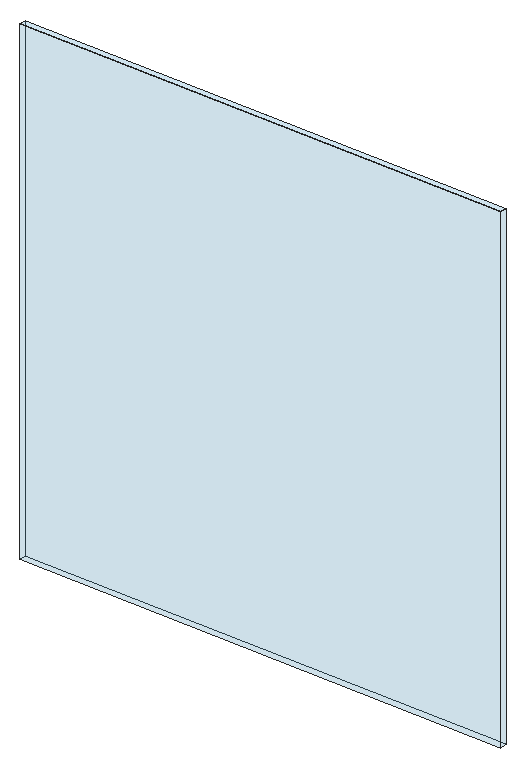
Revit family
Parameters (values of type "72" x 72"")
  Sealant = 0' - 0 3/8"
  Pocket Depth [instance] = 0' - 0 1/2"
  OS [instance] = yes
  IS [instance] = yes
  Head Height = Sill Height + Rough Height - Sealant  # 8' - 11 5/8"
  Depth [instance] = 0' - 7"
  Sill Height = 3' - 0"
  Rough Width = 6' - 0"
  Rough Height = 6' - 0"
  Model = "OPG2900"
  Material = ""
  Manufacturer = "Arcadia"
  Sightline = 0' - 2 7/8"
  Height = Rough Height - Sealant - Sealant  # 5' - 11 1/4"
  Wall Closure = (empty or 0)
  Width = Rough Width - Sealant - Sealant  # 5' - 11 1/4"
  Glass Thickness [instance] = 0' - 1"
  Offset to Inside Face of Glass [instance] = 0' - 5 5/16"
  Construction Type = "Aluminum"
  Center of Rough Opening [instance] = Rough Width / 2  # 3' - 0"
  Center of Glass [instance] = Glass Thickness / 2  # 0' - 0 1/2"
  Center Wall to Outside Face [instance] = 0' - 2 7/8"
  Assembly Code = ""
Reference planes (in)
  plane 1 "Center (Front/Back)": y = 0
  plane 2: z = 0
  plane 3 "Center (Left/Right)": x = 12
  plane 4 "Rough Opening Bottom": z = 36
  plane 5 "Rough Opening Top": z = 108
  plane 6 "Exterior Face": y = 2.25
  plane 7 "Frame Top": z = 105.125
  plane 8 "Frame Bottom": z = 38.875
  plane 9 "Rough Opening Left": x = -24
  plane 10 "Rough Opening Right": x = 48
  plane 11 "Frame Left": x = -21.125
  plane 12 "Frame Right": x = 45.125
  plane 13 "Exterior Glass Edge": y = 0.73644
  plane 14 "Interior Glass Edge": y = -0.26356
  plane 15 "Glass Centerline": y = 0.23644
  plane 16 "Frame Outside": y = 1.42394
  plane 17 "Frame Inside": y = -5.57606
  plane 18: z = 105.625
  plane 19: z = 38.375
  plane 20: x = 45.625
  plane 21: x = -21.625
  plane 22: x = 47.625
  plane 23: x = -23.625
  plane 24: z = 107.625
  plane 25: z = 36.375
Forms (in)
  Extrusion 1, solid, material "Anodize Arcadia AC2 Clear #11", detail levels coarse
    sketch origin (0, 0, 36) x (0, -1, 0) y (1, 0, 0)
      loop
        line (-1.42394, -24) -> (5.57606, -24) -> (5.57606, -21.125) -> (0.26356, -21.125) -> (0.26356, -21.625) -> (-0.73644, -21.625) -> (-0.73644, -21.125) -> (-1.42394, -21.125) -> (-1.42394, -24)
    from 0 to 72 <- "Rough Height"
  Extrusion 2, solid, material "Anodize Arcadia AC2 Clear #11", detail levels coarse
    sketch origin (0, 0, 36) x (0, -1, 0) y (1, 0, 0)
      loop
        line (-1.42394, 45.125) -> (-0.73644, 45.125) -> (-0.73644, 45.625) -> (0.26356, 45.625) -> (0.26356, 45.125) -> (5.57606, 45.125) -> (5.57606, 48) -> (-1.42394, 48) -> (-1.42394, 45.125)
    from 0 to 72 <- "Rough Height"
  Extrusion 3, solid, material "Glass"
    sketch origin (-0.5, 0, 36) x (0, -1, 0) y (1, 0, 0)
      loop
        line (-0.73644, -21.125) -> (0.26356, -21.125) -> (0.26356, 46.125) -> (-0.73644, 46.125) -> (-0.73644, -21.125)
    from 2.375 to 69.625
  Extrusion 4, solid, material "Anodize Arcadia AC2 Clear #11", detail levels coarse
    sketch origin (-24, 0, 0) x (0, 1, 0) y (0, 0, 1)
      loop
        line (-5.57606, 108) -> (-5.57606, 105.125) -> (-0.26356, 105.125) -> (-0.26356, 105.625) -> (0.73644, 105.625) -> (0.73644, 105.125) -> (1.42394, 105.125) -> (1.42394, 108) -> (-5.57606, 108)
    from 0 to 72 <- "Rough Width"
  Extrusion 5, solid, material "Anodize Arcadia AC2 Clear #11", detail levels coarse
    sketch origin (-24, 0, 0) x (0, 1, 0) y (0, 0, 1)
      loop
        line (1.42394, 38.875) -> (0.73644, 38.875) -> (0.73644, 38.375) -> (-0.26356, 38.375) -> (-0.26356, 38.875) -> (-5.57606, 38.875) -> (-5.57606, 36) -> (1.42394, 36) -> (1.42394, 38.875)
    from 0 to 72 <- "Rough Width"
  Extrusion 6, void
    sketch origin (0, 0, 36) x (0, -1, 0) y (1, 0, 0)
      loop
        line (-2.25, -24) -> (5.75, -24) -> (5.75, 48) -> (-2.25, 48) -> (-2.25, -24)
    from 0 to 72 <- "Rough Height"
Lines and regions (in)
  symbolic lines, detail levels coarse
    curve 1: line (-24, 1.42394, 0) -> (-21.125, 1.42394, 0)
    curve 2: line (-21.125, 1.42394, 0) -> (-21.125, 0.73644, 0)
    curve 3: line (45.625, 0.73644, 0) -> (-21.625, 0.73644, 0)
    curve 4: line (-21.625, 0.73644, 0) -> (-21.625, -0.26356, 0)
    curve 5: line (-21.625, -0.26356, 0) -> (45.625, -0.26356, 0)
    curve 6: line (-21.125, -0.26356, 0) -> (-21.125, -5.57606, 0)
    curve 7: line (-21.125, -5.57606, 0) -> (-24, -5.57606, 0)
    curve 8: line (-24, -5.57606, 0) -> (-24, 1.42394, 0)
    curve 9: line (48, 1.42394, 0) -> (45.125, 1.42394, 0)
    curve 10: line (45.125, 1.42394, 0) -> (45.125, 0.73644, 0)
    curve 11: line (45.625, 0.73644, 0) -> (45.625, -0.26356, 0)
    curve 12: line (45.125, -0.26356, 0) -> (45.125, -5.57606, 0)
    curve 13: line (45.125, -5.57606, 0) -> (48, -5.57606, 0)
    curve 14: line (48, -5.57606, 0) -> (48, 1.42394, 0)
Text (in)
  text "EXTERIOR" at (-58.6888, 50.90694, 0), in view "Ref. Level"
  text "INTERIOR" at (-58.6888, -37.76638, 0), in view "Ref. Level"
  text "Exterior" at (0, 43.65631, 123.19604), in view "Left"
  text "Exterior" at (0, 18.29385, 125.04747), in view "Right"
Dimensions and locks (in)
  "Rough Height": plane 4 "Rough Opening Bottom" to plane 5 "Rough Opening Top"
  "Sill Height": plane 2 to plane 4 "Rough Opening Bottom"
  "Sightline": plane 7 "Frame Top" to plane 5 "Rough Opening Top"
  "Sightline": plane 4 "Rough Opening Bottom" to plane 8 "Frame Bottom"
  "Rough Width": plane 9 "Rough Opening Left" to plane 10 "Rough Opening Right"
  "Sightline": plane 9 "Rough Opening Left" to plane 11 "Frame Left"
  "Sightline": plane 12 "Frame Right" to plane 10 "Rough Opening Right"
  "Depth": plane 17 "Frame Inside" to plane 16 "Frame Outside"
  "Glass Thickness": plane 13 "Exterior Glass Edge" to plane 14 "Interior Glass Edge"
  "Center of Glass": plane 15 "Glass Centerline" to plane 14 "Interior Glass Edge"
  "Center of Rough Opening": plane 9 "Rough Opening Left" to plane 3 "Center (Left/Right)"
  "Offset to Inside Face of Glass": plane 17 "Frame Inside" to plane 14 "Interior Glass Edge"
  "Pocket Depth": plane 12 "Frame Right" to plane 20
  "Pocket Depth": plane 21 to plane 11 "Frame Left"
  "Pocket Depth": plane 7 "Frame Top" to plane 18
  "Pocket Depth": plane 19 to plane 8 "Frame Bottom"
  "Sealant": plane 9 "Rough Opening Left" to plane 23
  "Sealant": plane 22 to plane 10 "Rough Opening Right"
  "Sealant": plane 24 to plane 5 "Rough Opening Top"
  "Sealant": plane 4 "Rough Opening Bottom" to plane 25
  aligned and locked: plane 6 "Exterior Face" to host wall
  aligned and locked: Extrusion 1 sketch curve to plane 17 "Frame Inside"
  aligned and locked: plane 16 "Frame Outside" to Extrusion 1 sketch curve
  aligned and locked: Extrusion 1 sketch curve to plane 11 "Frame Left"
  aligned and locked: plane 9 "Rough Opening Left" to Extrusion 1 sketch curve
  aligned and locked: plane 12 "Frame Right" to Extrusion 2 sketch curve
  aligned and locked: Extrusion 2 sketch curve to plane 10 "Rough Opening Right"
  aligned and locked: Extrusion 2 sketch curve to plane 17 "Frame Inside"
  aligned and locked: plane 16 "Frame Outside" to Extrusion 2 sketch curve
  aligned and locked: Extrusion 3 sketch curve to plane 13 "Exterior Glass Edge"
  aligned and locked: plane 14 "Interior Glass Edge" to Extrusion 3 sketch curve
  aligned and locked: plane 5 "Rough Opening Top" to Extrusion 4 sketch curve
  aligned and locked: Extrusion 4 sketch curve to plane 7 "Frame Top"
  aligned and locked: Extrusion 4 sketch curve to plane 17 "Frame Inside"
  aligned and locked: plane 16 "Frame Outside" to Extrusion 4 sketch curve
  aligned and locked: Extrusion 5 sketch curve to plane 4 "Rough Opening Bottom"
  aligned and locked: plane 8 "Frame Bottom" to Extrusion 5 sketch curve
  aligned and locked: Extrusion 5 sketch curve to plane 17 "Frame Inside"
  aligned and locked: plane 16 "Frame Outside" to Extrusion 5 sketch curve
  aligned and locked: plane 4 "Rough Opening Bottom" to nested 3
  aligned and locked: nested 2 to plane 5 "Rough Opening Top"
  aligned and locked: plane 19 to Extrusion 3
  aligned and locked: Extrusion 3 to plane 18
  aligned and locked: plane 17 "Frame Inside" to nested 3
  aligned and locked: nested 1 to plane 16 "Frame Outside"
  aligned and locked: plane 10 "Rough Opening Right" to nested 1
  aligned and locked: nested 4 to plane 9 "Rough Opening Left"
  aligned and locked: plane 17 "Frame Inside" to nested 4
  aligned and locked: plane 13 "Exterior Glass Edge" to Extrusion 5 sketch curve
  aligned and locked: Extrusion 5 sketch curve to plane 14 "Interior Glass Edge"
  aligned and locked: plane 19 to Extrusion 5 sketch curve
  aligned and locked: Extrusion 4 sketch curve to plane 13 "Exterior Glass Edge"
  aligned and locked: plane 18 to Extrusion 4 sketch curve
  aligned and locked: plane 14 "Interior Glass Edge" to Extrusion 4 sketch curve
  aligned and locked: plane 14 "Interior Glass Edge" to Extrusion 2 sketch curve
  aligned and locked: Extrusion 2 sketch curve to plane 20
  aligned and locked: Extrusion 2 sketch curve to plane 13 "Exterior Glass Edge"
  aligned and locked: Extrusion 1 sketch curve to plane 14 "Interior Glass Edge"
  aligned and locked: Extrusion 1 sketch curve to plane 21
  aligned and locked: plane 13 "Exterior Glass Edge" to Extrusion 1 sketch curve
  aligned and locked: plane 16 "Frame Outside" to curve 1
  aligned and locked: plane 9 "Rough Opening Left" to curve 8
  aligned and locked: curve 2 to plane 11 "Frame Left"
  aligned and locked: curve 6 to plane 11 "Frame Left"
  aligned and locked: curve 4 to plane 21
  aligned and locked: curve 7 to plane 17 "Frame Inside"
  aligned and locked: curve 5 to plane 14 "Interior Glass Edge"
  aligned and locked: plane 13 "Exterior Glass Edge" to curve 3
  aligned and locked: curve 10 to plane 12 "Frame Right"
  aligned and locked: curve 12 to plane 12 "Frame Right"
  aligned and locked: curve 11 to plane 20
  aligned and locked: plane 10 "Rough Opening Right" to curve 14
  aligned and locked: curve 9 to plane 16 "Frame Outside"
  aligned and locked: plane 17 "Frame Inside" to curve 13
  aligned and locked: nested 2 to plane 16 "Frame Outside"
  aligned and locked: import instance to plane 16 "Frame Outside"  (x5)
  aligned and locked: plane 9 "Rough Opening Left" to import instance  (x2)
  aligned and locked: plane 16 "Frame Outside" to import instance  (x3)
  aligned and locked: import instance to plane 10 "Rough Opening Right"
  aligned and locked: plane 10 "Rough Opening Right" to import instance
  aligned and locked: import instance to plane 4 "Rough Opening Bottom"  (x2)
  aligned and locked: plane 5 "Rough Opening Top" to import instance  (x2)
  aligned and locked: level to plane 2
  aligned and locked: plane 9 "Rough Opening Left" to Extrusion 6 sketch curve
  aligned and locked: plane 6 "Exterior Face" to Extrusion 6 sketch curve
  aligned and locked: host wall to Extrusion 6 sketch curve
  aligned and locked: plane 10 "Rough Opening Right" to Extrusion 6 sketch curve
Automatic sketch dimensions
  Extrusion 3 sketch curve to plane 21 = 0' - 0"
  Extrusion 3 sketch curve to plane 20 = 0' - 0"
  Extrusion 5 sketch curve to plane 8 "Frame Bottom" = 0' - 0"
  Extrusion 4 sketch curve to plane 7 "Frame Top" = 0' - 0"
  Extrusion 2 sketch curve to plane 12 "Frame Right" = 0' - 0"
  Extrusion 1 sketch curve to plane 11 "Frame Left" = 0' - 0"
Nested families (in)
  nested 1: "Window-Arcadia-OPG2900-Med-Jamb-R" at (46.9375, 0.23644, 0) x (-1, 0, 0) z (0, 0, 1), type "Window-Arcadia-OPG2900-Med-Jamb-R", detail levels medium
    with Sightline 0' - 2 7/8", Pocket Depth 0' - 0 1/2", Offset to Inside Face of Glass 0' - 5 5/16", Glass Width 0' - 1", Frame Wall Thickness 0' - 0 3/32", Depth 0' - 7", Center of Glass 0' - 0 1/2"
  nested 2: "Window-Arcadia-OPG2900-Med-Head" at (33.875, 0.23644, 108) x (0, -1, 0) z (1, 0, 0), type "Window-Arcadia-OPG2900-Med-Head", detail levels medium
    with Sightline 0' - 2 7/8", Pocket Depth 0' - 0 1/2", Offset to Inside Face of Glass 0' - 5 5/16", Glass Width 0' - 1", Frame Wall Thickness 0' - 0 3/32", Depth 0' - 7", Center of Glass 0' - 0 1/2"
  nested 3: "Window-Arcadia-OPG2900-Med-Sill" at (33.875, 0.23644, 36) x (0, -1, 0) z (1, 0, 0), type "Window-Arcadia-OPG2900-Med-Sill", detail levels medium
    with Sightline 0' - 2 7/8", Pocket Depth 0' - 0 1/2", Offset to Inside Face of Glass 0' - 5 5/16", Glass Width 0' - 1", Frame Wall Thickness 0' - 0 3/32", Depth 0' - 7", Center of Glass 0' - 0 1/2"
  nested 4: "Window-Arcadia-OPG2900-Med-Jamb-L" at (-22.9375, 0.23644, 0) x (-1, 0, 0) z (0, 0, 1), type "Window-Arcadia-OPG2900-Med-Jamb-L", detail levels medium
    with Sightline 0' - 2 7/8", Pocket Depth 0' - 0 1/2", Offset to Inside Face of Glass 0' - 5 5/16", Glass Width 0' - 1", Frame Wall Thickness 0' - 0 3/32", Depth 0' - 7", Center of Glass 0' - 0 1/2"
Definition of nested family "Window-Arcadia-OPG2900-Med-Jamb-R"
  Parameters (values of type "Window-Arcadia-TC670-Med-Jamb-R")
    Depth [instance] = 0' - 6"
    Pocket Depth [instance] = 0' - 0 3/4"
    Offset to Inside Face of Glass [instance] = 0' - 4"
    Glass Width [instance] = 0' - 1"
    Sightline [instance] = 0' - 2 5/8"
    Center of Glass [instance] = Glass Width / 2  # 0' - 0 1/2"
    Frame Wall Thickness [instance] = 0' - 0 3/32"
    Assembly Code = ""
  Reference planes (in)
    plane 1 "Center (Front/Back)": y = 0
    plane 2: z = 0
    plane 3: x = 1.5625
    plane 4 "back": x = -1.0625
    plane 5: y = 4.5
    plane 6: y = -1.5
    plane 7 "Inside Face of Glass": y = 0.5
    plane 8: y = -0.5
    plane 9: x = 0.8125
  Lines and regions (in)
    detail lines, in view "Ref. Level", detail levels medium
      curve 1: line (-1.0625, 4.5, 0) -> (-1.0625, -1.5, 0)
      curve 2: line (-1.0625, -1.5, 0) -> (1.5625, -1.5, 0)
      curve 3: line (1.5625, -1.5, 0) -> (1.5625, -0.5, 0)
      curve 4: line (1.5625, -0.5, 0) -> (0.8125, -0.5, 0)
      curve 5: line (0.8125, -0.5, 0) -> (0.8125, 0.5, 0)
      curve 6: line (0.8125, 0.5, 0) -> (1.5625, 0.5, 0)
      curve 7: line (1.5625, 0.5, 0) -> (1.5625, 4.5, 0)
      curve 8: line (1.5625, 4.5, 0) -> (-1.0625, 4.5, 0)
      curve 9: line (1.46875, 4.40625, 0) -> (-0.96875, 4.40625, 0)
      curve 10: line (-0.96875, 4.40625, 0) -> (-0.96875, -1.40625, 0)
      curve 11: line (-0.96875, -1.40625, 0) -> (1.46875, -1.40625, 0)
      curve 12: line (1.46875, -1.40625, 0) -> (1.46875, -0.59375, 0)
      curve 13: line (1.46875, -0.59375, 0) -> (0.71875, -0.59375, 0)
      curve 14: line (0.71875, -0.59375, 0) -> (0.71875, 0.59375, 0)
      curve 15: line (0.71875, 0.59375, 0) -> (1.46875, 0.59375, 0)
      curve 16: line (1.46875, 0.59375, 0) -> (1.46875, 4.40625, 0)
      curve 17: line (1.5625, 4.5, 0) -> (-1.0625, 4.5, 0)
      curve 18: line (-1.0625, 4.40625, 0) -> (-1.0625, -1.5, 0)
  Dimensions and locks (in)
    "Sightline": plane 4 "back" to plane 3
    "Depth": plane 5 to plane 6
    "Center of Glass": plane 1 "Center (Front/Back)" to plane 7 "Inside Face of Glass"
    "Glass Width": plane 8 to plane 7 "Inside Face of Glass"
    "Pocket Depth": plane 9 to plane 3
    "Offset to Inside Face of Glass": plane 5 to plane 7 "Inside Face of Glass"
    "Frame Wall Thickness": plane 5 to curve 9
    "Frame Wall Thickness": plane 4 "back" to curve 10
    "Frame Wall Thickness": curve 11 to plane 6
    "Frame Wall Thickness": curve 12 to plane 3
    "Frame Wall Thickness": curve 13 to plane 8
    "Frame Wall Thickness": plane 7 "Inside Face of Glass" to curve 15
    "Frame Wall Thickness": curve 14 to plane 9
    "Frame Wall Thickness": curve 16 to plane 3
    aligned and locked: plane 5 to curve 8
    aligned and locked: curve 1 to plane 4 "back"
    aligned and locked: curve 2 to plane 6
    aligned and locked: plane 3 to curve 3
    aligned and locked: curve 4 to plane 8
    aligned and locked: plane 9 to curve 5
    aligned and locked: plane 7 "Inside Face of Glass" to curve 6
    aligned and locked: plane 3 to curve 7
  Automatic sketch dimensions
    curve 18 to curve 9 = 0' - 0"
Definition of nested family "Window-Arcadia-OPG2900-Med-Head"
  Parameters (values of type "Window-Arcadia-A400-Med-Head")
    Depth [instance] = 0' - 6"
    Pocket Depth [instance] = 0' - 0 1/2"
    Offset to Inside Face of Glass [instance] = 0' - 4"
    Glass Width [instance] = 0' - 1"
    Sightline [instance] = 0' - 2 5/8"
    Center of Glass [instance] = Glass Width / 2  # 0' - 0 1/2"
    Frame Wall Thickness [instance] = 0' - 0 3/32"
    Assembly Code = ""
  Reference planes (in)
    plane 1 "Center (Front/Back)": y = 0
    plane 2: z = 0
    plane 3 "Center (Left/Right)": x = 0
    plane 4: x = -0.5
    plane 5 "Inside Face of Glass": x = 0.5
    plane 6: y = -2.625
    plane 7: x = 4.5
    plane 8: x = -1.5
    plane 9: y = -2.125
  Lines and regions (in)
    detail lines, in view "Ref. Level", detail levels medium
      curve 1: line (-1.5, 0, 0) -> (-1.5, -2.625, 0)
      curve 2: line (-1.5, -2.625, 0) -> (-0.5, -2.625, 0)
      curve 3: line (-0.5, -2.625, 0) -> (-0.5, -2.125, 0)
      curve 4: line (-0.5, -2.125, 0) -> (0.5, -2.125, 0)
      curve 5: line (0.5, -2.125, 0) -> (0.5, -2.625, 0)
      curve 6: line (0.5, -2.625, 0) -> (4.5, -2.625, 0)
      curve 7: line (4.5, -2.625, 0) -> (4.5, 0, 0)
      curve 8: line (4.5, 0, 0) -> (-1.5, 0, 0)
      curve 9: line (-1.40625, -0.09375, 0) -> (-1.40625, -2.53125, 0)
      curve 10: line (4.40625, -0.09375, 0) -> (-1.40625, -0.09375, 0)
      curve 11: line (4.40625, -2.53125, 0) -> (4.40625, -0.09375, 0)
      curve 12: line (0.59375, -2.53125, 0) -> (4.40625, -2.53125, 0)
      curve 13: line (-1.40625, -2.53125, 0) -> (-0.59375, -2.53125, 0)
      curve 14: line (-0.59375, -2.53125, 0) -> (-0.59375, -2.03125, 0)
      curve 15: line (-0.59375, -2.03125, 0) -> (0.59375, -2.03125, 0)
      curve 16: line (0.59375, -2.03125, 0) -> (0.59375, -2.53125, 0)
  Dimensions and locks (in)
    "Sightline": plane 6 to plane 1 "Center (Front/Back)"
    "Depth": plane 8 to plane 7
    "Pocket Depth": plane 6 to plane 9
    "Offset to Inside Face of Glass": plane 5 "Inside Face of Glass" to plane 7
    "Glass Width": plane 4 to plane 5 "Inside Face of Glass"
    "Center of Glass": plane 3 "Center (Left/Right)" to plane 5 "Inside Face of Glass"
    "Frame Wall Thickness": plane 8 to curve 9
    "Frame Wall Thickness": curve 10 to plane 1 "Center (Front/Back)"
    "Frame Wall Thickness": curve 11 to plane 7
    "Frame Wall Thickness": plane 6 to curve 12
    "Frame Wall Thickness": plane 6 to curve 13
    "Frame Wall Thickness": plane 9 to curve 15
    "Frame Wall Thickness": plane 5 "Inside Face of Glass" to curve 16
    "Frame Wall Thickness": curve 14 to plane 4
    aligned and locked: curve 8 to plane 1 "Center (Front/Back)"
    aligned and locked: plane 7 to curve 7
    aligned and locked: curve 1 to plane 8
    aligned and locked: plane 9 to curve 4
    aligned and locked: plane 4 to curve 3
    aligned and locked: plane 6 to curve 2
    aligned and locked: plane 6 to curve 6
  Automatic sketch dimensions
    curve 5 to plane 5 "Inside Face of Glass" = 0' - 0"
Definition of nested family "Window-Arcadia-OPG2900-Med-Sill"
  Parameters (values of type "Window-Arcadia-A400-Med-Sill")
    Depth [instance] = 0' - 6"
    Pocket Depth [instance] = 0' - 0 1/2"
    Offset to Inside Face of Glass [instance] = 0' - 4"
    Glass Width [instance] = 0' - 1"
    Sightline [instance] = 0' - 2 5/8"
    Center of Glass [instance] = Glass Width / 2  # 0' - 0 1/2"
    Frame Wall Thickness [instance] = 0' - 0 3/32"
    Assembly Code = ""
  Reference planes (in)
    plane 1 "Center (Front/Back)": y = 0
    plane 2: z = 0
    plane 3 "Center (Left/Right)": x = 0
    plane 4: x = -0.5
    plane 5 "Inside Face of Glass": x = 0.5
    plane 6: y = 2.625
    plane 7: x = 4.5
    plane 8: x = -1.5
    plane 9: y = 2.125
  Lines and regions (in)
    detail lines, in view "Ref. Level", detail levels medium
      curve 1: line (-1.5, 2.625, 0) -> (-1.5, 0, 0)
      curve 2: line (-1.5, 0, 0) -> (4.5, 0, 0)
      curve 3: line (4.5, 0, 0) -> (4.5, 2.625, 0)
      curve 4: line (4.5, 2.625, 0) -> (0.5, 2.625, 0)
      curve 5: line (0.5, 2.625, 0) -> (0.5, 2.125, 0)
      curve 6: line (0.5, 2.125, 0) -> (-0.5, 2.125, 0)
      curve 7: line (-0.5, 2.125, 0) -> (-0.5, 2.625, 0)
      curve 8: line (-0.5, 2.625, 0) -> (-1.5, 2.625, 0)
      curve 9: line (-0.59375, 2.53125, 0) -> (-1.40625, 2.53125, 0)
      curve 10: line (-1.40625, 2.53125, 0) -> (-1.40625, 0.09375, 0)
      curve 11: line (-1.40625, 0.09375, 0) -> (4.40625, 0.09375, 0)
      curve 12: line (4.40625, 0.09375, 0) -> (4.40625, 2.53125, 0)
      curve 13: line (4.40625, 2.53125, 0) -> (0.59375, 2.53125, 0)
      curve 14: line (0.59375, 2.53125, 0) -> (0.59375, 2.03125, 0)
      curve 15: line (0.59375, 2.03125, 0) -> (-0.59375, 2.03125, 0)
      curve 16: line (-0.59375, 2.03125, 0) -> (-0.59375, 2.53125, 0)
  Dimensions and locks (in)
    "Pocket Depth": plane 9 to plane 6
    "Sightline": plane 1 "Center (Front/Back)" to plane 6
    "Depth": plane 8 to plane 7
    "Offset to Inside Face of Glass": plane 5 "Inside Face of Glass" to plane 7
    "Glass Width": plane 4 to plane 5 "Inside Face of Glass"
    "Center of Glass": plane 3 "Center (Left/Right)" to plane 5 "Inside Face of Glass"
    "Frame Wall Thickness": curve 9 to plane 6
    "Frame Wall Thickness": plane 8 to curve 10
    "Frame Wall Thickness": plane 1 "Center (Front/Back)" to curve 11
    "Frame Wall Thickness": curve 12 to plane 7
    "Frame Wall Thickness": curve 13 to plane 6
    "Frame Wall Thickness": plane 5 "Inside Face of Glass" to curve 14
    "Frame Wall Thickness": curve 15 to plane 9
    "Frame Wall Thickness": curve 16 to plane 4
    aligned and locked: plane 1 "Center (Front/Back)" to curve 2
    aligned and locked: plane 7 to curve 3
    aligned and locked: curve 1 to plane 8
    aligned and locked: curve 8 to plane 6
    aligned and locked: curve 4 to plane 6
    aligned and locked: curve 6 to plane 9
    aligned and locked: curve 5 to plane 5 "Inside Face of Glass"
    aligned and locked: plane 4 to curve 7
  Automatic sketch dimensions
    curve 7 to plane 9 = 0' - 0"
Definition of nested family "Window-Arcadia-OPG2900-Med-Jamb-L"
  Parameters (values of type "Window-Arcadia-TC670-Med-Jamb-L")
    Depth [instance] = 0' - 6"
    Pocket Depth [instance] = 0' - 0 1/2"
    Offset to Inside Face of Glass [instance] = 0' - 4"
    Glass Width [instance] = 0' - 1"
    Sightline [instance] = 0' - 2 1/8"
    Center of Glass [instance] = Glass Width / 2  # 0' - 0 1/2"
    Frame Wall Thickness [instance] = 0' - 0 3/32"
    Assembly Code = ""
  Reference planes (in)
    plane 1 "Center (Front/Back)": y = 0
    plane 2: z = 0
    plane 3 "BACK": x = 1.0625
    plane 4 "FRONT": x = -1.0625
    plane 5: y = 1.5
    plane 6: y = -4.5
    plane 7 "Inside Face of Glass": y = 0.5
    plane 8: y = -0.5
    plane 9: x = -0.5625
  Lines and regions (in)
    detail lines, in view "Ref. Level", detail levels medium
      curve 1: line (1.0625, 1.5, 0) -> (1.0625, -4.5, 0)
      curve 2: line (1.0625, -4.5, 0) -> (-1.0625, -4.5, 0)
      curve 3: line (-1.0625, -4.5, 0) -> (-1.0625, -0.5, 0)
      curve 4: line (-1.0625, -0.5, 0) -> (-0.5625, -0.5, 0)
      curve 5: line (-0.5625, -0.5, 0) -> (-0.5625, 0.5, 0)
      curve 6: line (-0.5625, 0.5, 0) -> (-1.0625, 0.5, 0)
      curve 7: line (-1.0625, 0.5, 0) -> (-1.0625, 1.5, 0)
      curve 8: line (-1.0625, 1.5, 0) -> (1.0625, 1.5, 0)
      curve 9: line (-0.96875, 1.40625, 0) -> (0.96875, 1.40625, 0)
      curve 10: line (-0.96875, 0.59375, 0) -> (-0.96875, 1.40625, 0)
      curve 11: line (-0.46875, 0.59375, 0) -> (-0.96875, 0.59375, 0)
      curve 12: line (-0.46875, -0.59375, 0) -> (-0.46875, 0.59375, 0)
      curve 13: line (-0.96875, -0.59375, 0) -> (-0.46875, -0.59375, 0)
      curve 14: line (-0.96875, -4.40625, 0) -> (-0.96875, -0.59375, 0)
      curve 15: line (0.96875, -4.40625, 0) -> (-0.96875, -4.40625, 0)
      curve 16: line (0.96875, 1.40625, 0) -> (0.96875, -4.40625, 0)
  Dimensions and locks (in)
    "Depth": plane 5 to plane 6
    "Pocket Depth": plane 4 "FRONT" to plane 9
    "Sightline": plane 4 "FRONT" to plane 3 "BACK"
    "Glass Width": plane 8 to plane 7 "Inside Face of Glass"
    "Center of Glass": plane 1 "Center (Front/Back)" to plane 7 "Inside Face of Glass"
    "Frame Wall Thickness": plane 4 "FRONT" to curve 10
    "Frame Wall Thickness": plane 5 to curve 9
    "Frame Wall Thickness": curve 15 to plane 6
    "Frame Wall Thickness": curve 13 to plane 8
    "Frame Wall Thickness": plane 9 to curve 12
    "Frame Wall Thickness": plane 7 "Inside Face of Glass" to curve 11
    "Frame Wall Thickness": plane 4 "FRONT" to curve 14
    "Offset to Inside Face of Glass": plane 6 to plane 8
    aligned and locked: curve 8 to plane 5
    aligned and locked: curve 1 to plane 3 "BACK"
    aligned and locked: plane 6 to curve 2
    aligned and locked: curve 3 to plane 4 "FRONT"
    aligned and locked: plane 8 to curve 4
    aligned and locked: plane 9 to curve 5
    aligned and locked: curve 6 to plane 7 "Inside Face of Glass"
    aligned and locked: plane 4 "FRONT" to curve 7
  Automatic sketch dimensions
    curve 16 to plane 3 "BACK" = 0' - 0 3/32"
